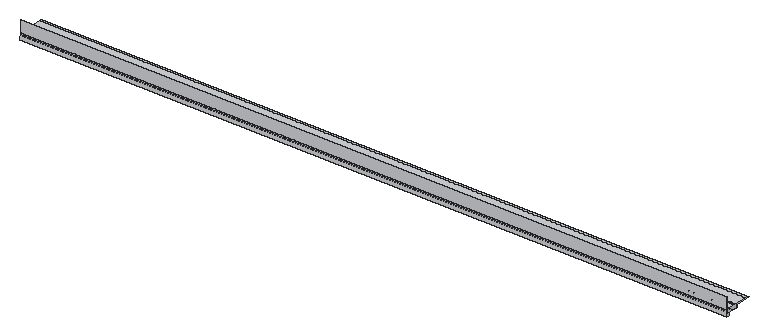
Revit family "Novojunta Pro Basic SP", category Modelos genéricos, Revit 2024 (continued)
Automatic sketch dimensions
  Extrusion 4 sketch curve to Extrusion 4 sketch curve = 0.643 mm
  Extrusion 4 sketch curve to Extrusion 4 sketch curve = 1.203 mm
  Extrusion 4 sketch curve to Extrusion 4 sketch curve = 0.699 mm
  Extrusion 4 sketch curve to Extrusion 4 sketch curve = 0.301 mm  (x2)
  Extrusion 4 sketch curve to Extrusion 4 sketch curve = 1.082 mm  (x2)
  Extrusion 4 sketch curve to Extrusion 4 sketch curve = 0.441 mm  (x2)
  Extrusion 4 sketch curve to level = 10.778 mm
  Extrusion 4 sketch curve to Extrusion 4 sketch curve = 0.434 mm  (x2)
  Extrusion 4 sketch curve to Extrusion 4 sketch curve = 1.223 mm
  Extrusion 4 sketch curve to level = 2.732 mm  (x2)
  Extrusion 4 sketch curve to Extrusion 4 sketch curve = 1.327 mm  (x2)
  Extrusion 4 sketch curve to Extrusion 4 sketch curve = 0.284 mm  (x2)
  Extrusion 4 sketch curve to Extrusion 4 sketch curve = 0.778 mm  (x2)
  Extrusion 4 sketch curve to Extrusion 4 sketch curve = 0.625 mm
  Extrusion 4 sketch curve to Extrusion 4 sketch curve = 1.023 mm  (x2)
  Extrusion 4 sketch curve to Extrusion 4 sketch curve = 0.165 mm  (x2)
  Extrusion 4 sketch curve to Extrusion 4 sketch curve = 1.262 mm
  Extrusion 4 sketch curve to Extrusion 4 sketch curve = 1.498 mm
  Extrusion 4 sketch curve to Extrusion 4 sketch curve = 0.235 mm
  Extrusion 4 sketch curve to Extrusion 4 sketch curve = 0.596 mm
  Extrusion 4 sketch curve to level = 0 mm  (x3)
  Extrusion 4 sketch curve to Extrusion 4 sketch curve = 1.287 mm  (x2)
  Extrusion 4 sketch curve to Extrusion 4 sketch curve = 2.206 mm
  Extrusion 4 sketch curve to Extrusion 4 sketch curve = 0.882 mm  (x2)
  Extrusion 4 sketch curve to Extrusion 4 sketch curve = 2.433 mm  (x2)
  Extrusion 4 sketch curve to Extrusion 4 sketch curve = 3.75 mm  (x2)
  plane 1 "Center (Front/Back)" to Extrusion 4 sketch curve = 3.07 mm
  Extrusion 4 sketch curve to Extrusion 4 sketch curve = 1.034 mm  (x2)
  plane 1 "Center (Front/Back)" to Extrusion 4 sketch curve = 0.925 mm
  plane 1 "Center (Front/Back)" to Extrusion 4 sketch curve = 0 mm  (x2)
  Extrusion 4 sketch curve to plane 1 "Center (Front/Back)" = 0.925 mm
  Extrusion 4 sketch curve to Extrusion 4 sketch curve = 1.111 mm
  Extrusion 4 sketch curve to plane 1 "Center (Front/Back)" = 4.681 mm
  Extrusion 4 sketch curve to Extrusion 4 sketch curve = 2.002 mm
  Extrusion 4 sketch curve to Extrusion 4 sketch curve = 2.869 mm
  Extrusion 4 sketch curve to Extrusion 4 sketch curve = 0.602 mm
  Extrusion 4 sketch curve to Extrusion 4 sketch curve = 1.5 mm  (x2)
  Extrusion 4 sketch curve to Extrusion 4 sketch curve = 0.543 mm
  Extrusion 4 sketch curve to Extrusion 4 sketch curve = 0.361 mm
  Extrusion 4 sketch curve to Extrusion 4 sketch curve = 1.254 mm
  Extrusion 4 sketch curve to Extrusion 4 sketch curve = 0.646 mm
  Extrusion 4 sketch curve to level = 10.771 mm
  Extrusion 4 sketch curve to Extrusion 4 sketch curve = 0.645 mm
  Extrusion 4 sketch curve to Extrusion 4 sketch curve = 1.2 mm
  Extrusion 4 sketch curve to Extrusion 4 sketch curve = 1.211 mm
  Extrusion 4 sketch curve to Extrusion 4 sketch curve = 4.2 mm
  Extrusion 4 sketch curve to Extrusion 4 sketch curve = 39.943 mm
  Extrusion 4 sketch curve to Extrusion 4 sketch curve = 1.591 mm
  Extrusion 4 sketch curve to Extrusion 4 sketch curve = 2.276 mm
  Extrusion 4 sketch curve to Extrusion 4 sketch curve = 2.283 mm
  Extrusion 4 sketch curve to Extrusion 4 sketch curve = 0.056 mm
  Extrusion 4 sketch curve to Extrusion 4 sketch curve = 0.054 mm
  Extrusion 4 sketch curve to Extrusion 4 sketch curve = 0.4 mm
  Extrusion 4 sketch curve to Extrusion 4 sketch curve = 0.398 mm
  Extrusion 4 sketch curve to Extrusion 4 sketch curve = 0.376 mm
  Extrusion 4 sketch curve to Extrusion 4 sketch curve = 0.007 mm
  Extrusion 4 sketch curve to Extrusion 4 sketch curve = 1.48 mm
  Extrusion 4 sketch curve to Extrusion 4 sketch curve = 1.484 mm
  Extrusion 4 sketch curve to Extrusion 4 sketch curve = 1.505 mm
  Extrusion 4 sketch curve to Extrusion 4 sketch curve = 1.534 mm
  Extrusion 4 sketch curve to Extrusion 4 sketch curve = 0.298 mm
  Extrusion 4 sketch curve to Extrusion 4 sketch curve = 0.244 mm
  Extrusion 4 sketch curve to Extrusion 4 sketch curve = 0.273 mm
  Extrusion 4 sketch curve to Extrusion 4 sketch curve = 0.294 mm
  Extrusion 4 sketch curve to Extrusion 4 sketch curve = 0.512 mm
  Extrusion 4 sketch curve to Extrusion 4 sketch curve = 0.533 mm
  Extrusion 4 sketch curve to Extrusion 4 sketch curve = 0.553 mm
  Extrusion 4 sketch curve to Extrusion 4 sketch curve = 0.499 mm
  Extrusion 4 sketch curve to Extrusion 4 sketch curve = 0.904 mm  (x2)
  Extrusion 4 sketch curve to Extrusion 4 sketch curve = 0.898 mm  (x2)
  Extrusion 4 sketch curve to Extrusion 4 sketch curve = 3.372 mm
  Extrusion 4 sketch curve to Extrusion 4 sketch curve = 5.495 mm
  Extrusion 4 sketch curve to level = 4.472 mm
  Extrusion 4 sketch curve to Extrusion 4 sketch curve = 0.768 mm
  Extrusion 4 sketch curve to Extrusion 4 sketch curve = 1.469 mm  (x2)
  Extrusion 4 sketch curve to Extrusion 4 sketch curve = 0.044 mm  (x2)
  Extrusion 4 sketch curve to Extrusion 4 sketch curve = 0.577 mm
  Extrusion 4 sketch curve to level = 2.154 mm
  Extrusion 4 sketch curve to Extrusion 4 sketch curve = 0.72 mm
  Extrusion 4 sketch curve to Extrusion 4 sketch curve = 0.196 mm  (x2)
  Extrusion 5 sketch curve to level = 0 mm  (x2)
  plane 1 "Center (Front/Back)" to Extrusion 5 sketch curve = 0.198 mm
  plane 1 "Center (Front/Back)" to Extrusion 5 sketch curve = 0.467 mm
  plane 1 "Center (Front/Back)" to Extrusion 5 sketch curve = 0.494 mm
  plane 1 "Center (Front/Back)" to Extrusion 5 sketch curve = 3.055 mm
  plane 1 "Center (Front/Back)" to Extrusion 5 sketch curve = 5.942 mm
  Extrusion 5 sketch curve to Extrusion 5 sketch curve = 1.519 mm  (x2)
  Extrusion 5 sketch curve to Extrusion 5 sketch curve = 1.441 mm  (x2)
  Extrusion 5 sketch curve to Extrusion 5 sketch curve = 6.439 mm
  Extrusion 5 sketch curve to Extrusion 5 sketch curve = 1.408 mm
  Extrusion 5 sketch curve to Extrusion 5 sketch curve = 2 mm  (x3)
  Extrusion 5 sketch curve to Extrusion 5 sketch curve = 0.892 mm
  Extrusion 5 sketch curve to Extrusion 5 sketch curve = 1.5 mm  (x4)
  Extrusion 5 sketch curve to Extrusion 5 sketch curve = 0.5 mm
  Extrusion 5 sketch curve to level = 2 mm
  Extrusion 5 sketch curve to Extrusion 5 sketch curve = 0.242 mm
  Extrusion 5 sketch curve to Extrusion 5 sketch curve = 1.232 mm  (x2)
  Extrusion 5 sketch curve to Extrusion 5 sketch curve = 0.761 mm
  Extrusion 5 sketch curve to Extrusion 5 sketch curve = 0.64 mm
  Extrusion 5 sketch curve to level = 2.773 mm  (x2)
  Extrusion 5 sketch curve to Extrusion 5 sketch curve = 1.339 mm
  Extrusion 5 sketch curve to level = 8.275 mm  (x2)
  Extrusion 5 sketch curve to Extrusion 5 sketch curve = 0.284 mm  (x2)
  Extrusion 5 sketch curve to Extrusion 5 sketch curve = 1.151 mm
  Extrusion 5 sketch curve to Extrusion 5 sketch curve = 0.434 mm  (x2)
  Extrusion 5 sketch curve to level = 10.812 mm  (x2)
  Extrusion 5 sketch curve to Extrusion 5 sketch curve = 0.441 mm  (x2)
  Extrusion 5 sketch curve to Extrusion 5 sketch curve = 1.327 mm  (x2)
  Extrusion 5 sketch curve to level = 9.163 mm  (x2)
  Extrusion 5 sketch curve to Extrusion 5 sketch curve = 0.301 mm  (x2)
  Extrusion 5 sketch curve to Extrusion 5 sketch curve = 0.71 mm
  Extrusion 5 sketch curve to level = 9.685 mm
  Extrusion 5 sketch curve to Extrusion 5 sketch curve = 0.676 mm
  Extrusion 5 sketch curve to level = 2.114 mm
  Extrusion 5 sketch curve to Extrusion 5 sketch curve = 1.1 mm
  Extrusion 5 sketch curve to level = 0.1 mm  (x2)
  Extrusion 5 sketch curve to Extrusion 5 sketch curve = 0.192 mm
  Extrusion 5 sketch curve to Extrusion 5 sketch curve = 4.2 mm  (x2)
  Extrusion 5 sketch curve to Extrusion 5 sketch curve = 35.743 mm
  Extrusion 5 sketch curve to level = 2.1 mm  (x2)
  Extrusion 5 sketch curve to Extrusion 5 sketch curve = 11.662 mm
  Extrusion 5 sketch curve to plane 1 "Center (Front/Back)" = 0.098 mm
  Extrusion 5 sketch curve to plane 1 "Center (Front/Back)" = 0.106 mm
  Extrusion 5 sketch curve to Extrusion 5 sketch curve = 0.573 mm
  Extrusion 5 sketch curve to Extrusion 5 sketch curve = 2.572 mm
  Extrusion 5 sketch curve to plane 1 "Center (Front/Back)" = 6.138 mm
  Extrusion 5 sketch curve to Extrusion 5 sketch curve = 5.847 mm
  Extrusion 5 sketch curve to Extrusion 5 sketch curve = 0.918 mm
  Extrusion 5 sketch curve to Extrusion 5 sketch curve = 0.543 mm
  Extrusion 5 sketch curve to Extrusion 5 sketch curve = 0.075 mm
  Extrusion 5 sketch curve to Extrusion 5 sketch curve = 0.604 mm
  Extrusion 5 sketch curve to Extrusion 5 sketch curve = 1.254 mm
  Extrusion 5 sketch curve to Extrusion 5 sketch curve = 0.63 mm
  Extrusion 5 sketch curve to Extrusion 5 sketch curve = 1.414 mm
  Extrusion 5 sketch curve to level = 10.82 mm
  Extrusion 5 sketch curve to Extrusion 5 sketch curve = 1.005 mm
  Extrusion 5 sketch curve to Extrusion 5 sketch curve = 0.855 mm
  Extrusion 5 sketch curve to level = 9.656 mm
  Extrusion 5 sketch curve to Extrusion 5 sketch curve = 0.705 mm
  Extrusion 5 sketch curve to Extrusion 5 sketch curve = 1.2 mm
  Extrusion 5 sketch curve to Extrusion 5 sketch curve = 0.216 mm
  Extrusion 5 sketch curve to Extrusion 5 sketch curve = 1.211 mm
  Extrusion 5 sketch curve to Extrusion 5 sketch curve = 39.943 mm
  Extrusion 5 sketch curve to level = 0.136 mm
  Extrusion 5 sketch curve to Extrusion 5 sketch curve = 1.591 mm
  Extrusion 5 sketch curve to Extrusion 5 sketch curve = 10.071 mm
  Extrusion 5 sketch curve to Extrusion 5 sketch curve = 2.288 mm
  Extrusion 5 sketch curve to Extrusion 5 sketch curve = 2.28 mm
  Extrusion 5 sketch curve to Extrusion 5 sketch curve = 1.4 mm  (x2)
  Extrusion 5 sketch curve to Extrusion 5 sketch curve = 0.1 mm  (x2)
  Extrusion 5 sketch curve to Extrusion 5 sketch curve = 0.388 mm  (x2)
  Extrusion 5 sketch curve to Extrusion 5 sketch curve = 0.007 mm
  Extrusion 5 sketch curve to Extrusion 5 sketch curve = 1.493 mm
  Extrusion 5 sketch curve to Extrusion 5 sketch curve = 1.502 mm
  Extrusion 5 sketch curve to Extrusion 5 sketch curve = 0.234 mm
  Extrusion 5 sketch curve to Extrusion 5 sketch curve = 0.285 mm
  Extrusion 5 sketch curve to Extrusion 5 sketch curve = 2.1 mm  (x2)
  Extrusion 5 sketch curve to Extrusion 5 sketch curve = 0.316 mm
  Extrusion 5 sketch curve to Extrusion 5 sketch curve = 0.328 mm
  Extrusion 5 sketch curve to Extrusion 5 sketch curve = 0.519 mm
  Extrusion 5 sketch curve to Extrusion 5 sketch curve = 0.529 mm
  Extrusion 5 sketch curve to Extrusion 5 sketch curve = 0.898 mm  (x2)
  Extrusion 5 sketch curve to level = 6.723 mm
  Extrusion 5 sketch curve to Extrusion 5 sketch curve = 0.464 mm
  Extrusion 5 sketch curve to Extrusion 5 sketch curve = 2.284 mm
  Extrusion 5 sketch curve to Extrusion 5 sketch curve = 2.283 mm
  Extrusion 5 sketch curve to Extrusion 5 sketch curve = 0.66 mm
  Extrusion 5 sketch curve to Extrusion 5 sketch curve = 0.002 mm
  Extrusion 5 sketch curve to level = 2.2 mm
  Extrusion 5 sketch curve to Extrusion 5 sketch curve = 0.2 mm  (x2)
  Extrusion 5 sketch curve to Extrusion 5 sketch curve = 0.72 mm
  level to Extrusion 5 sketch curve = 88.461 mm
  level to Extrusion 6 sketch curve = 0 mm  (x3)
  plane 1 "Center (Front/Back)" to Extrusion 6 sketch curve = 0 mm  (x2)
  plane 1 "Center (Front/Back)" to Extrusion 6 sketch curve = 3 mm
  plane 1 "Center (Front/Back)" to Extrusion 6 sketch curve = 4 mm
  Extrusion 6 sketch curve to Extrusion 6 sketch curve = 1.463 mm
  Extrusion 6 sketch curve to Extrusion 6 sketch curve = 0.53 mm  (x2)
  Extrusion 6 sketch curve to Extrusion 6 sketch curve = 0.531 mm
  Extrusion 6 sketch curve to Extrusion 6 sketch curve = 1.8 mm  (x2)
  Extrusion 6 sketch curve to Extrusion 6 sketch curve = 3 mm  (x4)
  Extrusion 6 sketch curve to Extrusion 6 sketch curve = 1.074 mm  (x2)
  Extrusion 6 sketch curve to Extrusion 6 sketch curve = 2.226 mm  (x2)
  Extrusion 6 sketch curve to Extrusion 6 sketch curve = 2.974 mm
  Extrusion 6 sketch curve to Extrusion 6 sketch curve = 2 mm  (x3)
  Extrusion 6 sketch curve to Extrusion 6 sketch curve = 0.794 mm
  Extrusion 6 sketch curve to Extrusion 6 sketch curve = 1.5 mm  (x5)
  Extrusion 6 sketch curve to Extrusion 6 sketch curve = 0.5 mm  (x4)
  Extrusion 6 sketch curve to level = 2 mm  (x2)
  Extrusion 6 sketch curve to Extrusion 6 sketch curve = 0.242 mm
  Extrusion 6 sketch curve to Extrusion 6 sketch curve = 1.232 mm  (x2)
  Extrusion 6 sketch curve to Extrusion 6 sketch curve = 0.756 mm
  Extrusion 6 sketch curve to Extrusion 6 sketch curve = 0.645 mm
  Extrusion 6 sketch curve to level = 2.773 mm  (x2)
  Extrusion 6 sketch curve to Extrusion 6 sketch curve = 1.339 mm
  Extrusion 6 sketch curve to level = 8.275 mm  (x2)
  Extrusion 6 sketch curve to Extrusion 6 sketch curve = 0.284 mm  (x2)
  Extrusion 6 sketch curve to Extrusion 6 sketch curve = 1.151 mm
  Extrusion 6 sketch curve to Extrusion 6 sketch curve = 0.434 mm  (x2)
  Extrusion 6 sketch curve to Extrusion 6 sketch curve = 0.441 mm  (x2)
  Extrusion 6 sketch curve to Extrusion 6 sketch curve = 1.327 mm  (x2)
  Extrusion 6 sketch curve to level = 9.163 mm  (x2)
  Extrusion 6 sketch curve to Extrusion 6 sketch curve = 0.301 mm  (x2)
  Extrusion 6 sketch curve to Extrusion 6 sketch curve = 0.71 mm
  Extrusion 6 sketch curve to level = 9.687 mm
  Extrusion 6 sketch curve to Extrusion 6 sketch curve = 0.674 mm
  Extrusion 6 sketch curve to Extrusion 6 sketch curve = 1.1 mm  (x2)
  Extrusion 6 sketch curve to level = 0.1 mm  (x2)
  Extrusion 6 sketch curve to Extrusion 6 sketch curve = 0.192 mm
  Extrusion 6 sketch curve to Extrusion 6 sketch curve = 2.192 mm
  Extrusion 6 sketch curve to Extrusion 6 sketch curve = 4.2 mm  (x2)
  Extrusion 6 sketch curve to Extrusion 6 sketch curve = 35.743 mm
  Extrusion 6 sketch curve to level = 2.1 mm  (x2)
  Extrusion 6 sketch curve to Extrusion 6 sketch curve = 11.662 mm
  Extrusion 6 sketch curve to plane 1 "Center (Front/Back)" = 3 mm
  Extrusion 6 sketch curve to Extrusion 6 sketch curve = 4 mm
  Extrusion 6 sketch curve to Extrusion 6 sketch curve = 1.462 mm
  Extrusion 6 sketch curve to Extrusion 6 sketch curve = 0.532 mm
  Extrusion 6 sketch curve to Extrusion 6 sketch curve = 1.016 mm
  Extrusion 6 sketch curve to Extrusion 6 sketch curve = 2.043 mm
  Extrusion 6 sketch curve to Extrusion 6 sketch curve = 0.075 mm
  Extrusion 6 sketch curve to Extrusion 6 sketch curve = 0.575 mm
  Extrusion 6 sketch curve to Extrusion 6 sketch curve = 1.254 mm
  Extrusion 6 sketch curve to Extrusion 6 sketch curve = 0.659 mm
  Extrusion 6 sketch curve to Extrusion 6 sketch curve = 1.414 mm
  Extrusion 6 sketch curve to Extrusion 6 sketch curve = 1.005 mm
  Extrusion 6 sketch curve to level = 10.812 mm
  Extrusion 6 sketch curve to level = 2.775 mm
  Extrusion 6 sketch curve to Extrusion 6 sketch curve = 0.855 mm
  Extrusion 6 sketch curve to level = 9.685 mm
  Extrusion 6 sketch curve to Extrusion 6 sketch curve = 0.676 mm
  Extrusion 6 sketch curve to Extrusion 6 sketch curve = 0.316 mm
  Extrusion 6 sketch curve to Extrusion 6 sketch curve = 1.211 mm
  Extrusion 6 sketch curve to Extrusion 6 sketch curve = 39.943 mm
  Extrusion 6 sketch curve to level = 0.136 mm
  Extrusion 6 sketch curve to Extrusion 6 sketch curve = 1.591 mm
  Extrusion 6 sketch curve to Extrusion 6 sketch curve = 10.071 mm
  Extrusion 6 sketch curve to Extrusion 6 sketch curve = 3.413 mm
  Extrusion 6 sketch curve to Extrusion 6 sketch curve = 2.288 mm
  Extrusion 6 sketch curve to Extrusion 6 sketch curve = 1.4 mm  (x2)
  Extrusion 6 sketch curve to Extrusion 6 sketch curve = 0.4 mm  (x2)
  Extrusion 6 sketch curve to Extrusion 6 sketch curve = 0.007 mm
  Extrusion 6 sketch curve to Extrusion 6 sketch curve = 0.38 mm
  Extrusion 6 sketch curve to Extrusion 6 sketch curve = 0.388 mm
  Extrusion 6 sketch curve to Extrusion 6 sketch curve = 1.508 mm
  Extrusion 6 sketch curve to Extrusion 6 sketch curve = 1.521 mm
  Extrusion 6 sketch curve to Extrusion 6 sketch curve = 3.451 mm
  Extrusion 6 sketch curve to Extrusion 6 sketch curve = 0.262 mm
  Extrusion 6 sketch curve to Extrusion 6 sketch curve = 0.256 mm
  Extrusion 6 sketch curve to Extrusion 6 sketch curve = 2.1 mm  (x2)
  Extrusion 6 sketch curve to Extrusion 6 sketch curve = 0.318 mm
  Extrusion 6 sketch curve to Extrusion 6 sketch curve = 0.323 mm
  Extrusion 6 sketch curve to Extrusion 6 sketch curve = 0.513 mm
  Extrusion 6 sketch curve to Extrusion 6 sketch curve = 1.249 mm
  Extrusion 6 sketch curve to Extrusion 6 sketch curve = 0.898 mm  (x2)
  Extrusion 6 sketch curve to Extrusion 6 sketch curve = 2.38 mm
  Extrusion 6 sketch curve to Extrusion 6 sketch curve = 2.39 mm
  Extrusion 6 sketch curve to Extrusion 6 sketch curve = 0.017 mm  (x2)
  Extrusion 6 sketch curve to Extrusion 6 sketch curve = 0.002 mm
  Extrusion 6 sketch curve to Extrusion 6 sketch curve = 0.2 mm  (x2)
  Extrusion 6 sketch curve to Extrusion 6 sketch curve = 0.66 mm  (x2)
  level to Extrusion 7 sketch curve = 27.343 mm
  plane 1 "Center (Front/Back)" to Extrusion 7 sketch curve = 45.057 mm
  Extrusion 7 sketch curve to Extrusion 7 sketch curve = 33 mm
  Extrusion 7 sketch curve to Extrusion 7 sketch curve = 1.851 mm
  Extrusion 7 sketch curve to level = 16.1 mm
  Extrusion 7 sketch curve to Extrusion 7 sketch curve = 0.149 mm
  Extrusion 7 sketch curve to Extrusion 7 sketch curve = 2 mm  (x6)
  Extrusion 7 sketch curve to level = 11.3 mm  (x2)
  Extrusion 7 sketch curve to Extrusion 7 sketch curve = 0.732 mm
  Extrusion 7 sketch curve to level = 14.1 mm
  Extrusion 7 sketch curve to Extrusion 7 sketch curve = 0.8 mm  (x2)
  Extrusion 7 sketch curve to Extrusion 7 sketch curve = 2.6 mm
  Extrusion 7 sketch curve to Extrusion 7 sketch curve = 2.736 mm  (x2)
  Extrusion 7 sketch curve to Extrusion 7 sketch curve = 6.2 mm
  Extrusion 7 sketch curve to Extrusion 7 sketch curve = 7 mm
  Extrusion 7 sketch curve to Extrusion 7 sketch curve = 0 mm
  Extrusion 7 sketch curve to Extrusion 7 sketch curve = 1.831 mm  (x2)
  Extrusion 7 sketch curve to Extrusion 7 sketch curve = 7.269 mm
  Extrusion 7 sketch curve to Extrusion 7 sketch curve = 1.3 mm
  Extrusion 7 sketch curve to Extrusion 7 sketch curve = 7.908 mm
  Extrusion 7 sketch curve to Extrusion 7 sketch curve = 1.5 mm
  Extrusion 7 sketch curve to level = 9.523 mm
  Extrusion 7 sketch curve to Extrusion 7 sketch curve = 0.543 mm
  Extrusion 7 sketch curve to Extrusion 7 sketch curve = 1.254 mm
  Extrusion 7 sketch curve to level = 0.2 mm
  Extrusion 7 sketch curve to Extrusion 7 sketch curve = 4.157 mm
  Extrusion 7 sketch curve to Extrusion 7 sketch curve = 1.211 mm
  Extrusion 7 sketch curve to Extrusion 7 sketch curve = 4.2 mm
  Extrusion 7 sketch curve to level = 35.2 mm
  Extrusion 7 sketch curve to Extrusion 7 sketch curve = 39.943 mm
  Extrusion 7 sketch curve to level = 0.236 mm
  Extrusion 7 sketch curve to Extrusion 7 sketch curve = 1.591 mm
  Extrusion 7 sketch curve to Extrusion 7 sketch curve = 10.071 mm
  Extrusion 7 sketch curve to Extrusion 7 sketch curve = 1.9 mm
  Extrusion 7 sketch curve to Extrusion 7 sketch curve = 1.777 mm
  Extrusion 7 sketch curve to Extrusion 7 sketch curve = 2.192 mm
  Extrusion 7 sketch curve to level = 9.811 mm
  Extrusion 7 sketch curve to Extrusion 7 sketch curve = 0.34 mm
  Extrusion 7 sketch curve to level = 9.263 mm  (x2)
  Extrusion 7 sketch curve to Extrusion 7 sketch curve = 0.65 mm
  Extrusion 7 sketch curve to Extrusion 7 sketch curve = 1.1 mm
  Extrusion 7 sketch curve to level = 10.912 mm  (x2)
  Extrusion 7 sketch curve to Extrusion 7 sketch curve = 0.71 mm
  Extrusion 7 sketch curve to Extrusion 7 sketch curve = 0.441 mm  (x2)
  Extrusion 7 sketch curve to level = 10.92 mm  (x2)
  Extrusion 7 sketch curve to Extrusion 7 sketch curve = 0.434 mm  (x2)
  Extrusion 7 sketch curve to level = 8.375 mm  (x2)
  Extrusion 7 sketch curve to Extrusion 7 sketch curve = 1.223 mm  (x2)
  Extrusion 7 sketch curve to level = 2.873 mm
  Extrusion 7 sketch curve to Extrusion 7 sketch curve = 1.327 mm
  Extrusion 7 sketch curve to level = 9.279 mm  (x2)
  Extrusion 7 sketch curve to Extrusion 7 sketch curve = 0.284 mm  (x2)
  Extrusion 7 sketch curve to level = 9.784 mm
  Extrusion 7 sketch curve to Extrusion 7 sketch curve = 0.748 mm
  Extrusion 7 sketch curve to Extrusion 7 sketch curve = 0.068 mm
  Extrusion 7 sketch curve to Extrusion 7 sketch curve = 0.992 mm
  Extrusion 7 sketch curve to level = 2 mm  (x2)
  Extrusion 7 sketch curve to Extrusion 7 sketch curve = 1.036 mm
  Extrusion 7 sketch curve to level = 4.27 mm  (x2)
  Extrusion 7 sketch curve to Extrusion 7 sketch curve = 1.727 mm
  Extrusion 7 sketch curve to Extrusion 7 sketch curve = 2.9 mm
  Extrusion 7 sketch curve to Extrusion 7 sketch curve = 1.129 mm  (x2)
  Extrusion 7 sketch curve to Extrusion 7 sketch curve = 1.165 mm
  Extrusion 7 sketch curve to Extrusion 7 sketch curve = 0.049 mm
  Extrusion 7 sketch curve to Extrusion 7 sketch curve = 0.075 mm
  Extrusion 7 sketch curve to level = 9.858 mm
  Extrusion 7 sketch curve to Extrusion 7 sketch curve = 0.495 mm
  Extrusion 7 sketch curve to Extrusion 7 sketch curve = 0.738 mm
  Extrusion 7 sketch curve to level = 2.772 mm
  Extrusion 7 sketch curve to Extrusion 7 sketch curve = 1.412 mm
  Extrusion 7 sketch curve to Extrusion 7 sketch curve = 1.005 mm
  Extrusion 7 sketch curve to level = 8.365 mm
  Extrusion 7 sketch curve to Extrusion 7 sketch curve = 0.301 mm
  Extrusion 7 sketch curve to level = 9.775 mm
  Extrusion 7 sketch curve to Extrusion 7 sketch curve = 0.428 mm
  Extrusion 7 sketch curve to Extrusion 7 sketch curve = 0.316 mm
  Extrusion 7 sketch curve to Extrusion 7 sketch curve = 0.898 mm
  Extrusion 7 sketch curve to Extrusion 7 sketch curve = 0.002 mm
  Extrusion 7 sketch curve to Extrusion 7 sketch curve = 0.003 mm
  Extrusion 7 sketch curve to Extrusion 7 sketch curve = 0.66 mm  (x2)
  Extrusion 7 sketch curve to Extrusion 7 sketch curve = 13.865 mm
  Extrusion 8 sketch curve to level = 2.165 mm
  Extrusion 8 sketch curve to plane 1 "Center (Front/Back)" = 14.202 mm
  Extrusion 8 sketch curve to Extrusion 8 sketch curve = 1.5 mm  (x2)
  Extrusion 8 sketch curve to Extrusion 8 sketch curve = 2.043 mm
  Extrusion 8 sketch curve to Extrusion 8 sketch curve = 1.254 mm
  Extrusion 8 sketch curve to level = 11.035 mm
  Extrusion 8 sketch curve to Extrusion 8 sketch curve = 2.736 mm  (x2)
  Extrusion 8 sketch curve to Extrusion 8 sketch curve = 0.711 mm
  Extrusion 8 sketch curve to Extrusion 8 sketch curve = 1.211 mm
  Extrusion 8 sketch curve to Extrusion 8 sketch curve = 4.2 mm  (x2)
  Extrusion 8 sketch curve to level = 34.935 mm
  Extrusion 8 sketch curve to Extrusion 8 sketch curve = 39.943 mm
  level to Extrusion 8 sketch curve = 0.029 mm
  Extrusion 8 sketch curve to Extrusion 8 sketch curve = 1.591 mm
  Extrusion 8 sketch curve to Extrusion 8 sketch curve = 10.071 mm
  Extrusion 8 sketch curve to Extrusion 8 sketch curve = 1.9 mm
  Extrusion 8 sketch curve to Extrusion 8 sketch curve = 1.777 mm  (x2)
  Extrusion 8 sketch curve to Extrusion 8 sketch curve = 2 mm  (x6)
  Extrusion 8 sketch curve to Extrusion 8 sketch curve = 27.692 mm
  Extrusion 8 sketch curve to Extrusion 8 sketch curve = 0.732 mm
  Extrusion 8 sketch curve to level = 13.965 mm
  Extrusion 8 sketch curve to Extrusion 8 sketch curve = 0.8 mm  (x2)
  Extrusion 8 sketch curve to Extrusion 8 sketch curve = 2.6 mm
  Extrusion 8 sketch curve to level = 15.965 mm
  Extrusion 8 sketch curve to Extrusion 8 sketch curve = 4.349 mm
  Extrusion 8 sketch curve to Extrusion 8 sketch curve = 1.851 mm
  Extrusion 8 sketch curve to Extrusion 8 sketch curve = 35 mm
  Extrusion 8 sketch curve to Extrusion 8 sketch curve = 7 mm
  Extrusion 8 sketch curve to Extrusion 8 sketch curve = 0 mm  (x3)
  Extrusion 8 sketch curve to Extrusion 8 sketch curve = 2.8 mm
  Extrusion 8 sketch curve to Extrusion 8 sketch curve = 1.831 mm  (x2)
  Extrusion 8 sketch curve to Extrusion 8 sketch curve = 7.169 mm
  Extrusion 8 sketch curve to Extrusion 8 sketch curve = 1.4 mm
  Extrusion 8 sketch curve to Extrusion 8 sketch curve = 28.243 mm
  Extrusion 8 sketch curve to Extrusion 8 sketch curve = 2.192 mm
  Extrusion 8 sketch curve to level = 9.67 mm
  Extrusion 8 sketch curve to Extrusion 8 sketch curve = 0.335 mm  (x2)
  Extrusion 8 sketch curve to level = 9.128 mm
  Extrusion 8 sketch curve to Extrusion 8 sketch curve = 0.656 mm
  Extrusion 8 sketch curve to Extrusion 8 sketch curve = 1.1 mm
  Extrusion 8 sketch curve to level = 10.778 mm
  Extrusion 8 sketch curve to Extrusion 8 sketch curve = 0.71 mm
  Extrusion 8 sketch curve to Extrusion 8 sketch curve = 0.441 mm  (x2)
  Extrusion 8 sketch curve to level = 10.785 mm
  Extrusion 8 sketch curve to Extrusion 8 sketch curve = 0.434 mm  (x2)
  Extrusion 8 sketch curve to level = 8.241 mm
  Extrusion 8 sketch curve to Extrusion 8 sketch curve = 1.223 mm  (x2)
  Extrusion 8 sketch curve to level = 2.738 mm
  Extrusion 8 sketch curve to Extrusion 8 sketch curve = 1.327 mm
  Extrusion 8 sketch curve to level = 9.144 mm
  Extrusion 8 sketch curve to Extrusion 8 sketch curve = 0.284 mm  (x2)
  Extrusion 8 sketch curve to level = 9.656 mm
  Extrusion 8 sketch curve to Extrusion 8 sketch curve = 0.754 mm
  Extrusion 8 sketch curve to Extrusion 8 sketch curve = 0.188 mm
  Extrusion 8 sketch curve to Extrusion 8 sketch curve = 3.223 mm
  Extrusion 8 sketch curve to Extrusion 8 sketch curve = 4 mm
  Extrusion 8 sketch curve to level = 13 mm
  Extrusion 8 sketch curve to Extrusion 8 sketch curve = 3 mm  (x4)
  Extrusion 8 sketch curve to Extrusion 8 sketch curve = 7.2 mm
  Extrusion 8 sketch curve to level = 5.969 mm
  Extrusion 8 sketch curve to Extrusion 8 sketch curve = 0.28 mm
  Extrusion 8 sketch curve to Extrusion 8 sketch curve = 0.526 mm
  Extrusion 8 sketch curve to level = 5.939 mm  (x2)
  Extrusion 8 sketch curve to Extrusion 8 sketch curve = 0.53 mm  (x2)
  level to Extrusion 8 sketch curve = 0 mm
  Extrusion 8 sketch curve to Extrusion 8 sketch curve = 1.8 mm  (x2)
  Extrusion 8 sketch curve to level = 8.3 mm  (x2)
  Extrusion 8 sketch curve to Extrusion 8 sketch curve = 1.464 mm  (x2)
  Extrusion 8 sketch curve to Extrusion 8 sketch curve = 8 mm
  Extrusion 8 sketch curve to Extrusion 8 sketch curve = 0.528 mm
  Extrusion 8 sketch curve to level = 5.923 mm
  Extrusion 8 sketch curve to Extrusion 8 sketch curve = 1.202 mm
  Extrusion 8 sketch curve to level = 1.935 mm
  Extrusion 8 sketch curve to Extrusion 8 sketch curve = 0.291 mm
  Extrusion 8 sketch curve to level = 9.533 mm
  Extrusion 8 sketch curve to Extrusion 8 sketch curve = 0.595 mm
  Extrusion 8 sketch curve to level = 9.013 mm
  Extrusion 8 sketch curve to Extrusion 8 sketch curve = 0.639 mm
  Extrusion 8 sketch curve to level = 2.582 mm
  Extrusion 8 sketch curve to Extrusion 8 sketch curve = 1.123 mm
  Extrusion 8 sketch curve to level = 8.11 mm
  Extrusion 8 sketch curve to level = 10.654 mm
  Extrusion 8 sketch curve to Extrusion 8 sketch curve = 1.005 mm
  Extrusion 8 sketch curve to level = 10.647 mm
  Extrusion 8 sketch curve to level = 8.099 mm
  Extrusion 8 sketch curve to level = 8.997 mm
  Extrusion 8 sketch curve to Extrusion 8 sketch curve = 0.301 mm
  Extrusion 8 sketch curve to level = 9.545 mm
  Extrusion 8 sketch curve to Extrusion 8 sketch curve = 0.465 mm
  Extrusion 8 sketch curve to level = 2.148 mm
  Extrusion 8 sketch curve to Extrusion 8 sketch curve = 1.116 mm
  Extrusion 8 sketch curve to Extrusion 8 sketch curve = 1.565 mm
  Extrusion 8 sketch curve to Extrusion 8 sketch curve = 0.065 mm
  Extrusion 8 sketch curve to Extrusion 8 sketch curve = 1.249 mm
  Extrusion 8 sketch curve to Extrusion 8 sketch curve = 0.898 mm
  Extrusion 8 sketch curve to Extrusion 8 sketch curve = 0.002 mm
  Extrusion 8 sketch curve to Extrusion 8 sketch curve = 0.435 mm
  Extrusion 8 sketch curve to Extrusion 8 sketch curve = 0.66 mm
  Extrusion 8 sketch curve to Extrusion 8 sketch curve = 0.231 mm
  Extrusion 8 sketch curve to level = 9.4 mm
  Extrusion 8 sketch curve to Extrusion 8 sketch curve = 1.926 mm  (x2)
  Extrusion 8 sketch curve to Extrusion 8 sketch curve = 2.226 mm
  Extrusion 8 sketch curve to Extrusion 8 sketch curve = 0.565 mm
  Extrusion 8 sketch curve to Extrusion 8 sketch curve = 2.974 mm
  Extrusion 8 sketch curve to Extrusion 8 sketch curve = 2.1 mm
  Extrusion 8 sketch curve to Extrusion 8 sketch curve = 2.5 mm
  Extrusion 9 sketch curve to level = 2.165 mm
  Extrusion 9 sketch curve to plane 1 "Center (Front/Back)" = 14.202 mm
  Extrusion 9 sketch curve to Extrusion 9 sketch curve = 1.5 mm  (x3)
  Extrusion 9 sketch curve to level = 9.257 mm
  Extrusion 9 sketch curve to Extrusion 9 sketch curve = 0.543 mm
  Extrusion 9 sketch curve to level = 11.035 mm
  Extrusion 9 sketch curve to Extrusion 9 sketch curve = 1.254 mm
  Extrusion 9 sketch curve to Extrusion 9 sketch curve = 2.736 mm
  level to Extrusion 9 sketch curve = 0.066 mm
  Extrusion 9 sketch curve to Extrusion 9 sketch curve = 4.157 mm
  Extrusion 9 sketch curve to Extrusion 9 sketch curve = 1.211 mm
  Extrusion 9 sketch curve to Extrusion 9 sketch curve = 2 mm  (x5)
  Extrusion 9 sketch curve to Extrusion 9 sketch curve = 4.2 mm
  Extrusion 9 sketch curve to level = 34.935 mm
  Extrusion 9 sketch curve to Extrusion 9 sketch curve = 39.943 mm
  level to Extrusion 9 sketch curve = 0.029 mm
  Extrusion 9 sketch curve to Extrusion 9 sketch curve = 1.591 mm
  Extrusion 9 sketch curve to Extrusion 9 sketch curve = 10.071 mm
  Extrusion 9 sketch curve to Extrusion 9 sketch curve = 1.9 mm
  Extrusion 9 sketch curve to Extrusion 9 sketch curve = 1.777 mm
  Extrusion 9 sketch curve to Extrusion 9 sketch curve = 0.8 mm  (x2)
  Extrusion 9 sketch curve to Extrusion 9 sketch curve = 4 mm  (x3)
  Extrusion 9 sketch curve to level = 12.935 mm  (x2)
  Extrusion 9 sketch curve to Extrusion 9 sketch curve = 2.96 mm  (x2)
  Extrusion 9 sketch curve to level = 6.153 mm
  Extrusion 9 sketch curve to Extrusion 9 sketch curve = 5.491 mm
  Extrusion 9 sketch curve to Extrusion 9 sketch curve = 0.541 mm
  Extrusion 9 sketch curve to Extrusion 9 sketch curve = 9 mm
  Extrusion 9 sketch curve to level = 6.149 mm
  Extrusion 9 sketch curve to Extrusion 9 sketch curve = 0.537 mm
  Extrusion 9 sketch curve to Extrusion 9 sketch curve = 6.047 mm
  Extrusion 9 sketch curve to Extrusion 9 sketch curve = 8.47 mm
  Extrusion 9 sketch curve to Extrusion 9 sketch curve = 2.961 mm
  Extrusion 9 sketch curve to level = 9.658 mm
  Extrusion 9 sketch curve to Extrusion 9 sketch curve = 3.648 mm
  Extrusion 9 sketch curve to level = 9.144 mm
  Extrusion 9 sketch curve to Extrusion 9 sketch curve = 0.645 mm
  Extrusion 9 sketch curve to level = 2.738 mm
  Extrusion 9 sketch curve to Extrusion 9 sketch curve = 1.513 mm
  Extrusion 9 sketch curve to level = 8.241 mm
  Extrusion 9 sketch curve to Extrusion 9 sketch curve = 0.284 mm  (x2)
  Extrusion 9 sketch curve to level = 10.785 mm
  Extrusion 9 sketch curve to Extrusion 9 sketch curve = 1.127 mm
  Extrusion 9 sketch curve to Extrusion 9 sketch curve = 0.434 mm  (x2)
  Extrusion 9 sketch curve to level = 10.778 mm
  Extrusion 9 sketch curve to Extrusion 9 sketch curve = 0.441 mm  (x2)
  Extrusion 9 sketch curve to Extrusion 9 sketch curve = 1.327 mm
  Extrusion 9 sketch curve to level = 9.128 mm
  Extrusion 9 sketch curve to Extrusion 9 sketch curve = 0.301 mm  (x2)
  Extrusion 9 sketch curve to level = 9.644 mm
  Extrusion 9 sketch curve to Extrusion 9 sketch curve = 0.682 mm
  Extrusion 9 sketch curve to Extrusion 9 sketch curve = 1.1 mm
  Extrusion 9 sketch curve to Extrusion 9 sketch curve = 0.291 mm
  Extrusion 9 sketch curve to level = 9.511 mm
  Extrusion 9 sketch curve to Extrusion 9 sketch curve = 0.573 mm
  Extrusion 9 sketch curve to level = 9.013 mm
  Extrusion 9 sketch curve to Extrusion 9 sketch curve = 0.661 mm
  Extrusion 9 sketch curve to level = 2.582 mm
  Extrusion 9 sketch curve to Extrusion 9 sketch curve = 1.123 mm
  Extrusion 9 sketch curve to level = 8.11 mm
  Extrusion 9 sketch curve to level = 10.654 mm
  Extrusion 9 sketch curve to Extrusion 9 sketch curve = 1.005 mm
  Extrusion 9 sketch curve to level = 10.647 mm
  Extrusion 9 sketch curve to level = 8.099 mm
  Extrusion 9 sketch curve to Extrusion 9 sketch curve = 1.223 mm
  Extrusion 9 sketch curve to level = 8.997 mm
  Extrusion 9 sketch curve to level = 9.519 mm
  Extrusion 9 sketch curve to Extrusion 9 sketch curve = 0.439 mm
  Extrusion 9 sketch curve to Extrusion 9 sketch curve = 1.116 mm
  Extrusion 9 sketch curve to Extrusion 9 sketch curve = 0.898 mm
  Extrusion 9 sketch curve to Extrusion 9 sketch curve = 0.002 mm
  Extrusion 9 sketch curve to Extrusion 9 sketch curve = 0 mm  (x3)
  Extrusion 9 sketch curve to Extrusion 9 sketch curve = 0.435 mm
  Extrusion 9 sketch curve to Extrusion 9 sketch curve = 0.66 mm
  Extrusion 9 sketch curve to Extrusion 9 sketch curve = 0.231 mm
  Extrusion 9 sketch curve to Extrusion 9 sketch curve = 0.873 mm
  Extrusion 9 sketch curve to Extrusion 9 sketch curve = 2.145 mm
  Extrusion 9 sketch curve to Extrusion 9 sketch curve = 87.988 mm
  Extrusion 9 sketch curve to Extrusion 9 sketch curve = 1.441 mm  (x2)
  Extrusion 9 sketch curve to level = 3.909 mm
  Extrusion 9 sketch curve to Extrusion 9 sketch curve = 2.623 mm
  Extrusion 9 sketch curve to Extrusion 9 sketch curve = 2.1 mm
  Extrusion 9 sketch curve to Extrusion 9 sketch curve = 2.605 mm
  Extrusion 9 sketch curve to level = 9.335 mm
  Extrusion 9 sketch curve to Extrusion 9 sketch curve = 2.244 mm
  Extrusion 9 sketch curve to Extrusion 9 sketch curve = 0.308 mm
  Extrusion 9 sketch curve to level = 15.965 mm
  Extrusion 9 sketch curve to Extrusion 9 sketch curve = 1.442 mm
  Extrusion 9 sketch curve to Extrusion 9 sketch curve = 0.149 mm
  Extrusion 9 sketch curve to Extrusion 9 sketch curve = 2.192 mm
  Extrusion 9 sketch curve to Extrusion 9 sketch curve = 35 mm
  Extrusion 9 sketch curve to Extrusion 9 sketch curve = 0.71 mm
  Extrusion 9 sketch curve to Extrusion 9 sketch curve = 2.6 mm
  Extrusion 9 sketch curve to Extrusion 9 sketch curve = 1.151 mm
  Extrusion 9 sketch curve to Extrusion 9 sketch curve = 4.349 mm
  Extrusion 9 sketch curve to Extrusion 9 sketch curve = 0.068 mm
  Extrusion 9 sketch curve to Extrusion 9 sketch curve = 7 mm
  Extrusion 9 sketch curve to Extrusion 9 sketch curve = 0.38 mm
  Extrusion 9 sketch curve to Extrusion 9 sketch curve = 0.323 mm
  Extrusion 9 sketch curve to Extrusion 9 sketch curve = 0.309 mm
  Extrusion 9 sketch curve to Extrusion 9 sketch curve = 0.2 mm
  Extrusion 9 sketch curve to Extrusion 9 sketch curve = 0.831 mm
  Extrusion 9 sketch curve to Extrusion 9 sketch curve = 28.243 mm
  level to Extrusion 10 sketch curve = 0 mm  (x2)
  plane 1 "Center (Front/Back)" to Extrusion 10 sketch curve = 15.162 mm
  Extrusion 10 sketch curve to level = 9.789 mm
  Extrusion 10 sketch curve to Extrusion 10 sketch curve = 0.127 mm
  Extrusion 10 sketch curve to level = 9.263 mm
  Extrusion 10 sketch curve to Extrusion 10 sketch curve = 0.672 mm
  Extrusion 10 sketch curve to level = 8.365 mm
  Extrusion 10 sketch curve to Extrusion 10 sketch curve = 0.301 mm  (x2)
  Extrusion 10 sketch curve to level = 10.912 mm
  Extrusion 10 sketch curve to Extrusion 10 sketch curve = 1.123 mm
  Extrusion 10 sketch curve to Extrusion 10 sketch curve = 0.441 mm  (x2)
  Extrusion 10 sketch curve to level = 10.92 mm
  Extrusion 10 sketch curve to Extrusion 10 sketch curve = 0.434 mm  (x2)
  Extrusion 10 sketch curve to level = 8.375 mm
  Extrusion 10 sketch curve to Extrusion 10 sketch curve = 1.223 mm
  Extrusion 10 sketch curve to level = 2.873 mm
  Extrusion 10 sketch curve to Extrusion 10 sketch curve = 1.327 mm
  Extrusion 10 sketch curve to level = 9.279 mm
  Extrusion 10 sketch curve to Extrusion 10 sketch curve = 0.284 mm  (x2)
  Extrusion 10 sketch curve to level = 9.781 mm
  Extrusion 10 sketch curve to Extrusion 10 sketch curve = 0.656 mm
  Extrusion 10 sketch curve to Extrusion 10 sketch curve = 1.513 mm
  Extrusion 10 sketch curve to level = 2 mm
  Extrusion 10 sketch curve to Extrusion 10 sketch curve = 2.432 mm
  Extrusion 10 sketch curve to level = 11.5 mm  (x2)
  Extrusion 10 sketch curve to Extrusion 10 sketch curve = 3.467 mm
  Extrusion 10 sketch curve to Extrusion 10 sketch curve = 1.286 mm
  Extrusion 10 sketch curve to level = 7.269 mm
  Extrusion 10 sketch curve to Extrusion 10 sketch curve = 1.755 mm
  Extrusion 10 sketch curve to Extrusion 10 sketch curve = 0.278 mm
  Extrusion 10 sketch curve to level = 7.278 mm
  Extrusion 10 sketch curve to Extrusion 10 sketch curve = 0.277 mm  (x2)
  Extrusion 10 sketch curve to Extrusion 10 sketch curve = 2.433 mm  (x2)
  Extrusion 10 sketch curve to Extrusion 10 sketch curve = 3.75 mm
  Extrusion 10 sketch curve to Extrusion 10 sketch curve = 2.017 mm  (x2)
  Extrusion 10 sketch curve to Extrusion 10 sketch curve = 0.96 mm  (x2)
  Extrusion 10 sketch curve to level = 4.472 mm  (x2)
  Extrusion 10 sketch curve to Extrusion 10 sketch curve = 1.17 mm  (x2)
  Extrusion 10 sketch curve to Extrusion 10 sketch curve = 2.095 mm
  Extrusion 10 sketch curve to Extrusion 10 sketch curve = 0.925 mm
  Extrusion 10 sketch curve to Extrusion 10 sketch curve = 3.756 mm
  Extrusion 10 sketch curve to level = 7.281 mm
  Extrusion 10 sketch curve to Extrusion 10 sketch curve = 1.442 mm  (x2)
  Extrusion 10 sketch curve to Extrusion 10 sketch curve = 0.276 mm
  Extrusion 10 sketch curve to level = 7.273 mm
  Extrusion 10 sketch curve to Extrusion 10 sketch curve = 3.855 mm
  Extrusion 10 sketch curve to Extrusion 10 sketch curve = 1.399 mm
  Extrusion 10 sketch curve to level = 1.8 mm
  Extrusion 10 sketch curve to Extrusion 10 sketch curve = 2.368 mm
  Extrusion 10 sketch curve to level = 9.604 mm
  Extrusion 10 sketch curve to Extrusion 10 sketch curve = 3.26 mm
  Extrusion 10 sketch curve to level = 9.079 mm
  Extrusion 10 sketch curve to Extrusion 10 sketch curve = 0.634 mm
  Extrusion 10 sketch curve to level = 2.572 mm
  Extrusion 10 sketch curve to Extrusion 10 sketch curve = 1.337 mm
  Extrusion 10 sketch curve to level = 8.175 mm
  Extrusion 10 sketch curve to level = 10.72 mm
  Extrusion 10 sketch curve to Extrusion 10 sketch curve = 1.116 mm
  Extrusion 10 sketch curve to level = 10.712 mm
  Extrusion 10 sketch curve to level = 2.575 mm
  Extrusion 10 sketch curve to Extrusion 10 sketch curve = 1.329 mm
  Extrusion 10 sketch curve to level = 9.063 mm
  Extrusion 10 sketch curve to level = 9.575 mm
  Extrusion 10 sketch curve to Extrusion 10 sketch curve = 0.686 mm
  Extrusion 10 sketch curve to Extrusion 10 sketch curve = 1.059 mm
  Extrusion 10 sketch curve to Extrusion 10 sketch curve = 0.898 mm
  Extrusion 10 sketch curve to Extrusion 10 sketch curve = 0.768 mm
  Extrusion 10 sketch curve to Extrusion 10 sketch curve = 1.547 mm  (x2)
  Extrusion 10 sketch curve to Extrusion 10 sketch curve = 0.002 mm
  Extrusion 10 sketch curve to Extrusion 10 sketch curve = 0.66 mm
  Extrusion 10 sketch curve to Extrusion 10 sketch curve = 0.635 mm
  Extrusion 10 sketch curve to Extrusion 10 sketch curve = 1.939 mm
  Extrusion 10 sketch curve to Extrusion 10 sketch curve = 0.319 mm
  Extrusion 10 sketch curve to level = 16.1 mm  (x2)
  Extrusion 10 sketch curve to Extrusion 10 sketch curve = 0.149 mm
  Extrusion 10 sketch curve to Extrusion 10 sketch curve = 1.851 mm
  Extrusion 10 sketch curve to Extrusion 10 sketch curve = 35 mm
  Extrusion 10 sketch curve to level = 11.3 mm
  Extrusion 10 sketch curve to Extrusion 10 sketch curve = 0.71 mm
  Extrusion 10 sketch curve to level = 14.1 mm
  Extrusion 10 sketch curve to Extrusion 10 sketch curve = 0.8 mm  (x2)
  Extrusion 10 sketch curve to Extrusion 10 sketch curve = 2.6 mm
  Extrusion 10 sketch curve to Extrusion 10 sketch curve = 1.151 mm
  Extrusion 10 sketch curve to level = 9.469 mm
  Extrusion 10 sketch curve to Extrusion 10 sketch curve = 0.744 mm
  Extrusion 10 sketch curve to Extrusion 10 sketch curve = 2 mm
  Extrusion 10 sketch curve to Extrusion 10 sketch curve = 7 mm
  Extrusion 10 sketch curve to Extrusion 10 sketch curve = 0 mm  (x2)
  Extrusion 10 sketch curve to Extrusion 10 sketch curve = 0.32 mm
  Extrusion 10 sketch curve to Extrusion 10 sketch curve = 0.2 mm  (x2)
  Extrusion 10 sketch curve to Extrusion 10 sketch curve = 0.9 mm
  Extrusion 10 sketch curve to Extrusion 10 sketch curve = 28.243 mm
  Extrusion 10 sketch curve to Extrusion 10 sketch curve = 0.617 mm
  Extrusion 10 sketch curve to Extrusion 10 sketch curve = 1.5 mm
  Extrusion 10 sketch curve to Extrusion 10 sketch curve = 0.6 mm
  Extrusion 10 sketch curve to Extrusion 10 sketch curve = 1.005 mm
  Extrusion 10 sketch curve to level = 11.1 mm
  Extrusion 10 sketch curve to Extrusion 10 sketch curve = 0.855 mm
  Extrusion 10 sketch curve to level = 9.323 mm
  Extrusion 10 sketch curve to Extrusion 10 sketch curve = 0.428 mm
  Extrusion 10 sketch curve to Extrusion 10 sketch curve = 1.211 mm
  Extrusion 10 sketch curve to Extrusion 10 sketch curve = 2.358 mm
  Extrusion 10 sketch curve to Extrusion 10 sketch curve = 4.2 mm
  Extrusion 10 sketch curve to Extrusion 10 sketch curve = 39.943 mm
  Extrusion 10 sketch curve to level = 0.036 mm
  Extrusion 10 sketch curve to Extrusion 10 sketch curve = 1.591 mm
  Extrusion 10 sketch curve to Extrusion 10 sketch curve = 10.071 mm
  Extrusion 10 sketch curve to Extrusion 10 sketch curve = 34.964 mm
  Extrusion 10 sketch curve to Extrusion 10 sketch curve = 1.9 mm
  Extrusion 10 sketch curve to Extrusion 10 sketch curve = 0.281 mm
  Extrusion 11 sketch curve to level = 2 mm  (x2)
  Extrusion 11 sketch curve to plane 1 "Center (Front/Back)" = 9.154 mm
  Extrusion 11 sketch curve to Extrusion 11 sketch curve = 1.5 mm
  Extrusion 11 sketch curve to level = 9.323 mm
  Extrusion 11 sketch curve to Extrusion 11 sketch curve = 0.543 mm
  Extrusion 11 sketch curve to level = 11.1 mm
  Extrusion 11 sketch curve to Extrusion 11 sketch curve = 1.254 mm
  Extrusion 11 sketch curve to Extrusion 11 sketch curve = 2.736 mm  (x2)
  level to Extrusion 11 sketch curve = 0 mm
  Extrusion 11 sketch curve to Extrusion 11 sketch curve = 4.157 mm
  Extrusion 11 sketch curve to Extrusion 11 sketch curve = 1.211 mm
  Extrusion 11 sketch curve to Extrusion 11 sketch curve = 2 mm  (x4)
  Extrusion 11 sketch curve to Extrusion 11 sketch curve = 4.2 mm  (x2)
  Extrusion 11 sketch curve to Extrusion 11 sketch curve = 39.943 mm
  Extrusion 11 sketch curve to level = 0.036 mm
  Extrusion 11 sketch curve to Extrusion 11 sketch curve = 1.591 mm
  Extrusion 11 sketch curve to Extrusion 11 sketch curve = 10.071 mm
  Extrusion 11 sketch curve to Extrusion 11 sketch curve = 0.4 mm
  Extrusion 11 sketch curve to Extrusion 11 sketch curve = 34.964 mm
  Extrusion 11 sketch curve to Extrusion 11 sketch curve = 1.777 mm
  Extrusion 11 sketch curve to Extrusion 11 sketch curve = 18.308 mm
  Extrusion 11 sketch curve to Extrusion 11 sketch curve = 0.732 mm
  Extrusion 11 sketch curve to Extrusion 11 sketch curve = 0.8 mm  (x2)
  Extrusion 11 sketch curve to Extrusion 11 sketch curve = 2.6 mm
  Extrusion 11 sketch curve to level = 16.1 mm
  Extrusion 11 sketch curve to Extrusion 11 sketch curve = 4.349 mm
  Extrusion 11 sketch curve to Extrusion 11 sketch curve = 1.851 mm
  Extrusion 11 sketch curve to Extrusion 11 sketch curve = 33 mm
  Extrusion 11 sketch curve to Extrusion 11 sketch curve = 7 mm
  Extrusion 11 sketch curve to Extrusion 11 sketch curve = 0 mm  (x4)
  Extrusion 11 sketch curve to Extrusion 11 sketch curve = 2.8 mm
  Extrusion 11 sketch curve to Extrusion 11 sketch curve = 1.831 mm  (x2)
  Extrusion 11 sketch curve to Extrusion 11 sketch curve = 7.269 mm
  Extrusion 11 sketch curve to Extrusion 11 sketch curve = 1.3 mm
  Extrusion 11 sketch curve to Extrusion 11 sketch curve = 28.243 mm
  Extrusion 11 sketch curve to Extrusion 11 sketch curve = 2.192 mm
  Extrusion 11 sketch curve to level = 9.785 mm
  Extrusion 11 sketch curve to Extrusion 11 sketch curve = 0.315 mm
  Extrusion 11 sketch curve to level = 9.263 mm
  Extrusion 11 sketch curve to Extrusion 11 sketch curve = 0.676 mm
  Extrusion 11 sketch curve to Extrusion 11 sketch curve = 1.1 mm
  Extrusion 11 sketch curve to level = 10.912 mm
  Extrusion 11 sketch curve to Extrusion 11 sketch curve = 0.71 mm
  Extrusion 11 sketch curve to Extrusion 11 sketch curve = 0.441 mm  (x2)
  Extrusion 11 sketch curve to level = 10.92 mm
  Extrusion 11 sketch curve to Extrusion 11 sketch curve = 0.434 mm  (x2)
  Extrusion 11 sketch curve to level = 8.375 mm
  Extrusion 11 sketch curve to Extrusion 11 sketch curve = 1.223 mm  (x2)
  Extrusion 11 sketch curve to level = 2.873 mm
  Extrusion 11 sketch curve to Extrusion 11 sketch curve = 1.327 mm
  Extrusion 11 sketch curve to level = 9.279 mm
  Extrusion 11 sketch curve to Extrusion 11 sketch curve = 0.284 mm  (x2)
  Extrusion 11 sketch curve to level = 9.792 mm
  Extrusion 11 sketch curve to Extrusion 11 sketch curve = 0.755 mm
  Extrusion 11 sketch curve to Extrusion 11 sketch curve = 0.068 mm
  Extrusion 11 sketch curve to Extrusion 11 sketch curve = 0.15 mm
  Extrusion 11 sketch curve to Extrusion 11 sketch curve = 0.25 mm
  Extrusion 11 sketch curve to Extrusion 11 sketch curve = 3.284 mm
  Extrusion 11 sketch curve to Extrusion 11 sketch curve = 5.616 mm
  level to Extrusion 11 sketch curve = 87.988 mm
  Extrusion 11 sketch curve to Extrusion 11 sketch curve = 17.35 mm
  Extrusion 11 sketch curve to Extrusion 11 sketch curve = 3.542 mm
  Extrusion 11 sketch curve to Extrusion 11 sketch curve = 0.258 mm
  Extrusion 11 sketch curve to Extrusion 11 sketch curve = 0.1 mm
  Extrusion 11 sketch curve to Extrusion 11 sketch curve = 0.075 mm
  Extrusion 11 sketch curve to level = 9.645 mm
  Extrusion 11 sketch curve to Extrusion 11 sketch curve = 0.523 mm
  Extrusion 11 sketch curve to level = 9.079 mm
  Extrusion 11 sketch curve to Extrusion 11 sketch curve = 0.711 mm
  Extrusion 11 sketch curve to level = 2.572 mm
  Extrusion 11 sketch curve to Extrusion 11 sketch curve = 1.412 mm
  Extrusion 11 sketch curve to level = 8.175 mm
  Extrusion 11 sketch curve to level = 10.72 mm
  Extrusion 11 sketch curve to Extrusion 11 sketch curve = 1.005 mm
  Extrusion 11 sketch curve to level = 10.712 mm
  Extrusion 11 sketch curve to level = 9.063 mm
  Extrusion 11 sketch curve to Extrusion 11 sketch curve = 0.301 mm
  Extrusion 11 sketch curve to level = 9.594 mm
  Extrusion 11 sketch curve to Extrusion 11 sketch curve = 0.447 mm
  Extrusion 11 sketch curve to Extrusion 11 sketch curve = 0.358 mm
  Extrusion 11 sketch curve to Extrusion 11 sketch curve = 0.2 mm  (x2)
  Extrusion 11 sketch curve to Extrusion 11 sketch curve = 0.5 mm  (x2)
  Extrusion 11 sketch curve to Extrusion 11 sketch curve = 0.86 mm
  Extrusion 11 sketch curve to Extrusion 11 sketch curve = 0.898 mm  (x2)
  Extrusion 11 sketch curve to Extrusion 11 sketch curve = 0.002 mm
  Extrusion 11 sketch curve to Extrusion 11 sketch curve = 0.003 mm
  Extrusion 11 sketch curve to Extrusion 11 sketch curve = 0.66 mm
  Extrusion 11 sketch curve to Extrusion 11 sketch curve = 0.635 mm
  Extrusion 11 sketch curve to Extrusion 11 sketch curve = 1.8 mm
  Extrusion 11 sketch curve to level = 6.422 mm
  Extrusion 11 sketch curve to Extrusion 11 sketch curve = 0.096 mm
  Extrusion 11 sketch curve to Extrusion 11 sketch curve = 2.84 mm
  Extrusion 11 sketch curve to Extrusion 11 sketch curve = 2.685 mm  (x2)
  Extrusion 11 sketch curve to Extrusion 11 sketch curve = 0.304 mm
  Extrusion 11 sketch curve to Extrusion 11 sketch curve = 0.998 mm
  Extrusion 11 sketch curve to Extrusion 11 sketch curve = 1.842 mm
  Extrusion 11 sketch curve to Extrusion 11 sketch curve = 4.222 mm
  Extrusion 11 sketch curve to Extrusion 11 sketch curve = 0.104 mm
  Extrusion 12 sketch curve to level = 2.2 mm
  Extrusion 12 sketch curve to plane 1 "Center (Front/Back)" = 4.052 mm
  Extrusion 12 sketch curve to Extrusion 12 sketch curve = 1.5 mm  (x3)
  Extrusion 12 sketch curve to Extrusion 12 sketch curve = 2.043 mm
  Extrusion 12 sketch curve to Extrusion 12 sketch curve = 1.254 mm
  Extrusion 12 sketch curve to level = 11.3 mm  (x2)
  Extrusion 12 sketch curve to Extrusion 12 sketch curve = 2.736 mm
  Extrusion 12 sketch curve to Extrusion 12 sketch curve = 0.711 mm
  Extrusion 12 sketch curve to Extrusion 12 sketch curve = 1.211 mm
  Extrusion 12 sketch curve to Extrusion 12 sketch curve = 4.2 mm
  Extrusion 12 sketch curve to Extrusion 12 sketch curve = 39.943 mm
  Extrusion 12 sketch curve to level = 0.236 mm
  Extrusion 12 sketch curve to Extrusion 12 sketch curve = 1.591 mm
  Extrusion 12 sketch curve to Extrusion 12 sketch curve = 10.071 mm
  Extrusion 12 sketch curve to Extrusion 12 sketch curve = 0.4 mm
  Extrusion 12 sketch curve to Extrusion 12 sketch curve = 34.964 mm
  Extrusion 12 sketch curve to Extrusion 12 sketch curve = 1.777 mm  (x2)
  Extrusion 12 sketch curve to Extrusion 12 sketch curve = 2 mm  (x4)
  Extrusion 12 sketch curve to Extrusion 12 sketch curve = 1.366 mm
  Extrusion 12 sketch curve to Extrusion 12 sketch curve = 1.935 mm
  Extrusion 12 sketch curve to level = 8.399 mm
  Extrusion 12 sketch curve to Extrusion 12 sketch curve = 0.342 mm  (x2)
  Extrusion 12 sketch curve to Extrusion 12 sketch curve = 0.5 mm  (x2)
  Extrusion 12 sketch curve to Extrusion 12 sketch curve = 0.372 mm
  Extrusion 12 sketch curve to level = 8.361 mm
  Extrusion 12 sketch curve to Extrusion 12 sketch curve = 0.43 mm
  Extrusion 12 sketch curve to Extrusion 12 sketch curve = 1.865 mm
  Extrusion 12 sketch curve to Extrusion 12 sketch curve = 3.311 mm
  Extrusion 12 sketch curve to level = 9.861 mm
  Extrusion 12 sketch curve to Extrusion 12 sketch curve = 3.877 mm
  Extrusion 12 sketch curve to level = 9.279 mm  (x2)
  Extrusion 12 sketch curve to Extrusion 12 sketch curve = 0.766 mm
  Extrusion 12 sketch curve to level = 2.873 mm
  Extrusion 12 sketch curve to Extrusion 12 sketch curve = 1.513 mm
  Extrusion 12 sketch curve to level = 8.375 mm  (x2)
  Extrusion 12 sketch curve to Extrusion 12 sketch curve = 0.284 mm  (x2)
  Extrusion 12 sketch curve to level = 10.92 mm  (x2)
  Extrusion 12 sketch curve to Extrusion 12 sketch curve = 1.248 mm
  Extrusion 12 sketch curve to Extrusion 12 sketch curve = 0.434 mm  (x2)
  Extrusion 12 sketch curve to level = 10.912 mm  (x2)
  Extrusion 12 sketch curve to Extrusion 12 sketch curve = 0.441 mm  (x3)
  Extrusion 12 sketch curve to level = 8.365 mm
  Extrusion 12 sketch curve to Extrusion 12 sketch curve = 1.223 mm
  Extrusion 12 sketch curve to level = 9.263 mm  (x2)
  Extrusion 12 sketch curve to Extrusion 12 sketch curve = 0.301 mm  (x2)
  Extrusion 12 sketch curve to level = 9.812 mm
  Extrusion 12 sketch curve to Extrusion 12 sketch curve = 0.649 mm
  Extrusion 12 sketch curve to Extrusion 12 sketch curve = 1.1 mm
  Extrusion 12 sketch curve to Extrusion 12 sketch curve = 0.498 mm
  Extrusion 12 sketch curve to level = 2 mm
  Extrusion 12 sketch curve to Extrusion 12 sketch curve = 0.075 mm
  Extrusion 12 sketch curve to level = 9.795 mm
  Extrusion 12 sketch curve to Extrusion 12 sketch curve = 0.592 mm
  Extrusion 12 sketch curve to Extrusion 12 sketch curve = 0.568 mm
  Extrusion 12 sketch curve to Extrusion 12 sketch curve = 0.642 mm
  Extrusion 12 sketch curve to level = 2.772 mm
  Extrusion 12 sketch curve to Extrusion 12 sketch curve = 1.412 mm
  Extrusion 12 sketch curve to Extrusion 12 sketch curve = 1.005 mm
  Extrusion 12 sketch curve to Extrusion 12 sketch curve = 1.329 mm
  Extrusion 12 sketch curve to level = 9.787 mm
  Extrusion 12 sketch curve to Extrusion 12 sketch curve = 0.316 mm
  Extrusion 12 sketch curve to Extrusion 12 sketch curve = 0.898 mm
  Extrusion 12 sketch curve to Extrusion 12 sketch curve = 1.893 mm
  Extrusion 12 sketch curve to Extrusion 12 sketch curve = 1.281 mm
  Extrusion 12 sketch curve to Extrusion 12 sketch curve = 0.968 mm
  Extrusion 12 sketch curve to Extrusion 12 sketch curve = 0 mm  (x2)
  Extrusion 12 sketch curve to Extrusion 12 sketch curve = 0.002 mm
  Extrusion 12 sketch curve to Extrusion 12 sketch curve = 0.003 mm
  Extrusion 12 sketch curve to Extrusion 12 sketch curve = 0.66 mm  (x2)
  Extrusion 12 sketch curve to Extrusion 12 sketch curve = 0.873 mm
  Extrusion 12 sketch curve to Extrusion 12 sketch curve = 2.214 mm
  Extrusion 12 sketch curve to level = 16.1 mm
  Extrusion 12 sketch curve to Extrusion 12 sketch curve = 1.442 mm
  Extrusion 12 sketch curve to level = 23.1 mm
  Extrusion 12 sketch curve to Extrusion 12 sketch curve = 0.149 mm
  Extrusion 12 sketch curve to Extrusion 12 sketch curve = 1.851 mm
  Extrusion 12 sketch curve to Extrusion 12 sketch curve = 33 mm
  Extrusion 12 sketch curve to Extrusion 12 sketch curve = 0.71 mm
  Extrusion 12 sketch curve to level = 14.1 mm
  Extrusion 12 sketch curve to Extrusion 12 sketch curve = 0.8 mm
  Extrusion 12 sketch curve to Extrusion 12 sketch curve = 2.6 mm
  Extrusion 12 sketch curve to Extrusion 12 sketch curve = 1.151 mm
  Extrusion 12 sketch curve to Extrusion 12 sketch curve = 4.349 mm
  Extrusion 12 sketch curve to Extrusion 12 sketch curve = 0.068 mm
  Extrusion 12 sketch curve to Extrusion 12 sketch curve = 0.392 mm
  Extrusion 12 sketch curve to Extrusion 12 sketch curve = 0.343 mm
  Extrusion 12 sketch curve to Extrusion 12 sketch curve = 0.2 mm
  Extrusion 12 sketch curve to Extrusion 12 sketch curve = 0.9 mm
  Extrusion 12 sketch curve to Extrusion 12 sketch curve = 27.343 mm
  curve 3 to level = 76.325 mm
  plane 1 "Center (Front/Back)" to curve 3 = 1065.575 mm
  curve 3 to curve 3 = 1.5 mm
  curve 2 to plane 1 "Center (Front/Back)" = 302.97 mm
  curve 2 to curve 2 = 1.5 mm
  level to curve 2 = 363.304 mm
Nested families
  nested 1: "Anchura" at (-868.842, 500, 0), type "20mm"
Definition of nested family "Anchura"
  Parameters
    Default Elevation = 0 mm
    Height = 0 mm
  Reference planes
    plane 1 "Center (Front/Back)": y = 0
    plane 2: z = 0
    plane 3 "Center (Left/Right)": x = 0
  Dimensions and locks
    aligned and locked: plane 2 to level
